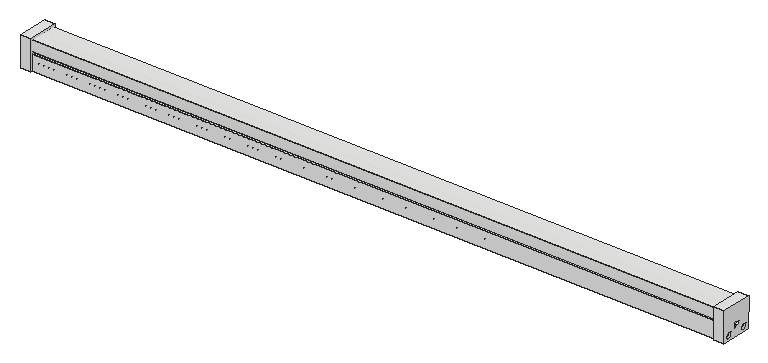
Revit family "S2222 updated 4", category Lighting Fixtures, host Face, Revit 2020 (continued)
Definition of nested family "DFD3_3000K"
  Nested families (in)
    nested 10: "Increment strip 5" at (15.748, 18.35094, 0), Height <- "D", Increment <- "Cutting Increment", Width <- "A", LED <- "LED", Strip <- "Strip", BL flexFORM Dot-Free D3 <- "BL flexFORM Dot-Free D3", visible <- "BL flexFORM Dot-Free D3", type "Increment strip 5"
      with Width 0.3900", Strip none, LED none, Increment 1.9685", Height 0.07812", BL flexFORM Dot-Free D3 yes
    nested 11: "Increment strip 5" at (17.7165, 18.35094, 0), Height <- "D", Increment <- "Cutting Increment", Width <- "A", LED <- "LED", Strip <- "Strip", BL flexFORM Dot-Free D3 <- "BL flexFORM Dot-Free D3", visible <- "BL flexFORM Dot-Free D3", type "Increment strip 5"
      with Width 0.3900", Strip none, LED none, Increment 1.9685", Height 0.07812", BL flexFORM Dot-Free D3 yes
    nested 12: "Increment strip 5" at (19.685, 18.35094, 0), Height <- "D", Increment <- "Cutting Increment", Width <- "A", LED <- "LED", Strip <- "Strip", BL flexFORM Dot-Free D3 <- "BL flexFORM Dot-Free D3", visible <- "BL flexFORM Dot-Free D3", type "Increment strip 5"
      with Width 0.3900", Strip none, LED none, Increment 1.9685", Height 0.07812", BL flexFORM Dot-Free D3 yes
    nested 13: "Increment strip 5" at (21.6535, 18.35094, 0), Height <- "D", Increment <- "Cutting Increment", Width <- "A", LED <- "LED", Strip <- "Strip", BL flexFORM Dot-Free D3 <- "BL flexFORM Dot-Free D3", visible <- "BL flexFORM Dot-Free D3", type "Increment strip 5"
      with Width 0.3900", Strip none, LED none, Increment 1.9685", Height 0.07812", BL flexFORM Dot-Free D3 yes
  Definition of nested family "Increment strip 5"
    Parameters (values of type "Increment strip 5")
      Width [instance] = 0.39062"
      Strip [instance] = none
      LED [instance] = none
      Increment [instance] = 1.9700"
      Height [instance] = 0.07812"
      Default Elevation = 0.0000"
      BL flexFORM Dot-Free D3 [instance] = yes
    Reference planes (in)
      plane 1 "Center (Front/Back)": y = 0
      plane 2: z = 0
      plane 3 "Center (Left/Right)": x = 0
      plane 4: x = 1.97
      plane 5: y = -0.19531
      plane 6: y = 0.19531
      plane 7: x = 0.15625
      plane 8: x = 1.78125
      plane 9: z = 0.07812
    Forms (in)
      Sweep 1, solid, material <- "Strip", visible <- "BL flexFORM Dot-Free D3"
        path origin (0, 0, 0) x (1, 0, 0) y (0, 1, 0)
          loop
            line (1.97, 0) -> (0, 0)
        profile origin (0.985, 0, 0) x (0, -1, 0) y (0, 0, 1)
          loop
            line (-0.19531, 0.03937) -> (-0.19531, 0) -> (0.19531, 0) -> (0.19531, 0.03937) -> (-0.19531, 0.03937)
      Extrusion 2, solid, material <- "LED", visible <- "BL flexFORM Dot-Free D3"
        sketch origin (0, 0, 0.247) x (1, 0, 0) y (0, 1, 0)
          loop
            line (0, 0.11457) -> (0, -0.11457) -> (1.97, -0.11457) -> (1.97, 0.11457) -> (0, 0.11457)
        from -0.20763 to -0.16887
    Dimensions and locks (in)
      "Increment": plane 3 "Center (Left/Right)" to plane 4
      equal spacing: plane 5, plane 1 "Center (Front/Back)", plane 6
      "Width": plane 5 to plane 6
      equal spacing: Extrusion 2, plane 1 "Center (Front/Back)", Extrusion 2
      "Height": plane 9 to plane 2
      aligned and locked: plane 2 to level
      aligned and locked: Sweep 1 sketch curve to plane 1 "Center (Front/Back)"
      aligned and locked: plane 3 "Center (Left/Right)" to Sweep 1 sketch curve
      aligned and locked: plane 4 to Sweep 1 sketch curve
      aligned and locked: plane 6 to Sweep 1 sketch curve
      aligned and locked: Sweep 1 sketch curve to plane 5
      aligned and locked: Extrusion 2 to Sweep 1
      aligned and locked: Extrusion 2 to plane 9
    Automatic sketch dimensions
      level to Sweep 1 sketch curve = 0.03937"
      Sweep 1 sketch curve to level = 0.0000"
      Extrusion 2 sketch curve to plane 3 "Center (Left/Right)" = 0.0000"
      Extrusion 2 sketch curve to plane 4 = 0.0000"
      plane 1 "Center (Front/Back)" to Extrusion 2 sketch curve = 0.11457"
      Extrusion 2 sketch curve to plane 1 "Center (Front/Back)" = 0.11457"
Types (5): name | Wattage Comments | Rdwn | Product Name | Number of LED's | No Of Source | Model | Max Input Current | Lumen Output | Light Length | Lamp | LED tape Documentation Link | LED Tape Page URL | L1 | Initial Color Comments | Increment | DFD3 Watt | DFD3 Lumens | DFD3 | D8 Watt | D8 Lumens | D8 | D3 Watt | D3 Lumens | D3 | D2 Watt | D2 Lumens | D2 | Color Option Available | CCT | Apparent Load | Actual No Of Source | Actual Light Length
  (no name) | "3.0W/FT" | 10 | "D2" | "36 Diodes/FT" | 10 | "D2" | "5A" | "209 lm/FT" | 19.6850" | "LED,SMD 3528" | "https://bllighting.com/wp-content/uploads/D2-Specification.pdf" | "https://bllighting.com/products/led-tape/d2" | 19.6850" | "Perfomance based on 3000K Photometric Web File" | 1.9685" | 7.21783 W | 707.348 lm | no | 13.1233 W | 1259.84 lm | no | 9.02229 W | 604.494 lm | no | 4.92125 W | 344.488 lm | yes | "2400K,2700K,3000K,3500K,4000K,5500K,RED,GREEN,BLUE,AMBER" | "2400K,2700K,3000K,3500K,4000K,5500K,RED,GREEN,BLUE,AMBER" | 120 VA | 10 | 19.6850"
  209 lm per FT 3.0W per FT - D2 | "3.0W/FT" | 10 | "D2" | "36 Diodes/FT" | 10 | "D2" | "5A" | "209 lm/FT" | 19.6850" | "LED,SMD 3528" | "https://bllighting.com/wp-content/uploads/D2-Specification.pdf" | "https://bllighting.com/products/led-tape/d2" | 19.6850" | "Perfomance based on 3000K Photometric Web File" | 1.9685" | 7.21783 W | 707.348 lm | no | 13.1233 W | 1259.84 lm | no | 9.02229 W | 604.494 lm | no | 4.92125 W | 344.488 lm | yes | "2400K,2700K,3000K,3500K,4000K,5500K,RED,GREEN,BLUE,AMBER" | "2400K,2700K,3000K,3500K,4000K,5500K,RED,GREEN,BLUE,AMBER" | 120 VA | 10 | 19.6850"
  370 lm per FT 5.5 W per FT - D3 | "5.5 W/FT" | 19 | "D3" | "30 Diodes/FT" | 19 | "D3" | "5A" | "370 lm/FT" | 48.0000" | "LED,SMD 5060" | "https://bllighting.com/wp-content/uploads/D3-Specification.pdf" | "https://bllighting.com/products/led-tape/d3" | 48.0000" | "Perfomance based on 3000K Photometric Web File" | 2.4803" | 17.2794 W | 1693.38 lm | no | 31.4171 W | 3016.04 lm | no | 21.5993 W | 1447.15 lm | yes | 11.7814 W | 824.7 lm | no | "2700K,3000K,3500K,4000K,6000K" | "2700K,3000K,3500K,4000K,6000K" | 120 VA | 19 | 47.1257"
  800 lm per FT 8.0 W per FT - D8 | "8W/FT" | 17 | "D8" | "30 Diodes/FT" | 17 | "D8" | "5.5A" | "800 lm/FT" | 48.0000" | "LED,LG 5630" | "https://bllighting.com/wp-content/uploads/D8-Specification.pdf" | "https://bllighting.com/products/led-tape/d8" | 48.0000" | "Perfomance based on 3500K Photometric Web File" | 2.7559" | 17.1784 W | 1683.49 lm | no | 31.2335 W | 2998.42 lm | yes | 21.4731 W | 1438.69 lm | no | 11.7126 W | 819.88 lm | no | "3000K,3500K,4000K" | "3000K,3500K,4000K" | 132 VA | 17 | 46.8503"
  419 lm per FT 4.4 W per FT - DFD3 | "4.4W/FT" | 10 | "DFD3" | "146 Diodes/FT" | 10 | "DFD3" | "4A" | "419 lm/FT" | 19.6850" | 0.0000" | "https://bllighting.com/wp-content/uploads/DFD3-Specification.pdf" | "https://bllighting.com/products/led-tape/dfd3" | 19.6850" | "Perfomance based on 3000K Photometric Web File" | 1.9685" | 7.21783 W | 707.348 lm | yes | 13.1233 W | 1259.84 lm | no | 9.02229 W | 604.494 lm | no | 4.92125 W | 344.488 lm | no | "2400K,2700K,3000K,3500K,4000K" | "2400K,2700K,3000K,3500K,4000K" | 96 VA | 10 | 19.6850"
